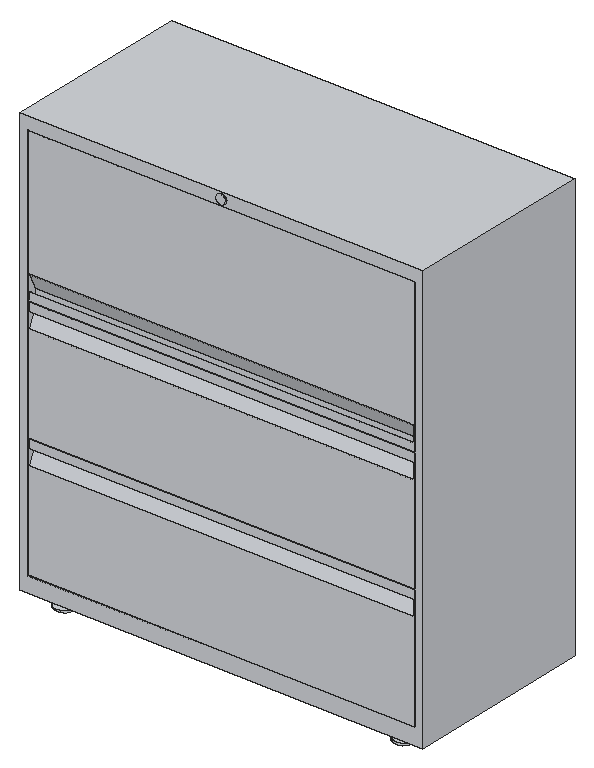
Revit family
Parameters (values of type "10C32B.2HQ")
  Width = 1000 mm
  Manufacturer = ""
  Height = 1085 mm
  Flipper Width = Width - 40 mm  # 960 mm
  Drawer Width = Width - 40 mm  # 960 mm
  Colour [instance] = ""
  Carbon Footprint = 0
Types (3, lengths in mm): name | Width | Flipper Width | Drawer Width
  (no name) | 1000 | 960 | 960
  08C32B.2HQ | 800 | 760 | 760
  10C32B.2HQ | 1000 | 960 | 960
Reference planes
  plane 1 "Center (Front/Back)": y = 0
  plane 2: z = 0
  plane 3 "Center (Left/Right)": x = 0
  plane 4: y = 235
  plane 5: y = -235
  plane 6: x = -500
  plane 7: x = 500
  plane 8: z = 1085
  plane 9: z = 4
  plane 10: z = 25
  plane 11: z = 65
  plane 12: z = 1055
  plane 13: x = -480
  plane 14: x = 480
  plane 15: x = -420
  plane 16: x = 420
  plane 17: y = -195
  plane 18: y = 195
  plane 19: y = 233
  plane 20: y = -215
  plane 21: y = -237
  plane 22: z = 1070
Forms (mm)
  Extrusion 1, solid
    sketch origin (0, 0, 0) x (1, 0, 0) y (0, 0, 1)
      loop
        line (-500, 1085) -> (-500, 25) -> (500, 25) -> (500, 1085) -> (-500, 1085)
      loop
        line (-480, 1055) -> (-480, 65) -> (480, 65) -> (480, 1055) -> (-480, 1055)
    from -235 to 235
  Extrusion 2, solid
    sketch origin (0, 0, 0) x (1, 0, 0) y (0, 0, 1)
      loop
        line (-480, 1055) -> (-480, 65) -> (480, 65) -> (480, 1055) -> (-480, 1055)
    from -235 to -233
  Extrusion 3, solid
    sketch origin (0, 0, 0) x (1, 0, 0) y (0, 1, 0)
      loop
        circle (-420, 195) r 25
      loop
        circle (420, 195) r 25
      loop
        circle (420, -195) r 25
      loop
        circle (-420, -195) r 25
    from 0 to 4
  Extrusion 4, solid
    sketch origin (0, 0, 0) x (1, 0, 0) y (0, 1, 0)
      loop
        circle (-420, 195) r 5
      loop
        circle (420, 195) r 5
      loop
        circle (420, -195) r 5
      loop
        circle (-420, -195) r 5
    from 4 to 25
  Extrusion 5, solid
    sketch origin (0, 0, 0) x (1, 0, 0) y (0, 0, 1)
      loop
        circle (0, 1070) r 11.963
    from 235 to 237
Dimensions and locks
  plane 4 to plane 1 "Center (Front/Back)" to plane 5 = 235 mm locked, 235 mm locked
  equal spacing: plane 6, plane 3 "Center (Left/Right)", plane 7
  "Width": plane 6 to plane 7
  locked: plane 9 to plane 2 at 4
  locked: plane 10 to plane 9 at 21
  locked: plane 11 to plane 10 at 40
  locked: plane 8 to plane 12 at 30
  "Height": plane 8 to plane 2
  locked: plane 13 to plane 6 at 20
  locked: plane 7 to plane 14 at 20
  locked: plane 4 to plane 18 at 40
  locked: plane 17 to plane 5 at 40
  locked: plane 16 to plane 14 at 60
  locked: plane 13 to plane 15 at 60
  locked: plane 4 to plane 19 at 2
  locked: plane 20 to plane 5 at 20
  locked: plane 5 to plane 21 at 2
  plane 8 to plane 22 to plane 12 = 15 mm, 15 mm
  locked: nested 1 to plane 11 at 1
  locked: nested 1 to plane 13 at 1
  locked: plane 14 to nested 1 at 1
  group 2 to group 1 = 0 mm
  group 1 to group 2 = 0 mm
  group 1 to group 2 = 305 mm
  locked: plane 12 to nested 3 at 1
  locked: nested 3 to nested 2 at 2
  locked: nested 2 to nested 1 at 2
  locked: nested 3 to Extrusion 1 at 1  (x2)
  radius of Extrusion 3 sketch curve = 25 mm
  aligned and locked: level to plane 2
  aligned and locked: Extrusion 1 sketch curve to plane 8
  aligned and locked: plane 6 to Extrusion 1 sketch curve
  aligned and locked: plane 10 to Extrusion 1 sketch curve
  aligned and locked: Extrusion 1 sketch curve to plane 7
  aligned and locked: Extrusion 1 sketch curve to plane 12
  aligned and locked: plane 13 to Extrusion 1 sketch curve
  aligned and locked: plane 11 to Extrusion 1 sketch curve
  aligned and locked: Extrusion 1 sketch curve to plane 14
  aligned and locked: plane 4 to Extrusion 1
  aligned and locked: Extrusion 1 to plane 5
  aligned and locked: Extrusion 2 sketch curve to Extrusion 1  (x4)
  aligned and locked: Extrusion 2 to plane 19
  aligned and locked: plane 9 to Extrusion 3
  aligned and locked: Extrusion 5 to plane 21
  aligned and locked: plane 5 to Extrusion 5
  aligned and locked: plane 3 "Center (Left/Right)" to nested 3
  aligned and locked: nested 3 to nested 1
Automatic sketch dimensions
  Extrusion 3 sketch curve to plane 15 = 0 mm  (x2)
  Extrusion 3 sketch curve to plane 16 = 0 mm  (x2)
  Extrusion 3 sketch curve to plane 17 = 0 mm  (x2)
  Extrusion 3 sketch curve to plane 18 = 0 mm  (x2)
  Extrusion 4 sketch curve to plane 15 = 0 mm  (x2)
  Extrusion 4 sketch curve to plane 16 = 0 mm  (x2)
  Extrusion 4 sketch curve to plane 17 = 0 mm  (x2)
  Extrusion 4 sketch curve to plane 18 = 0 mm  (x2)
  Extrusion 5 sketch curve to plane 3 "Center (Left/Right)" = 0 mm
  Extrusion 5 sketch curve to plane 22 = 0 mm
  radius of Extrusion 3 sketch curve = 25 mm  (x3)
  radius of Extrusion 4 sketch curve = 5 mm  (x4)
  radius of Extrusion 5 sketch curve = 11.963 mm
Nested families
  nested 1: "12 Inch Drawer" at (0, -225, 65), type "12 Inch Drawer"
    with Drawer Width 960 mm
  nested 2: "12 Inch Drawer" at (0, -225, 370), type "12 Inch Drawer"
    with Drawer Width 960 mm
  nested 3: "12 Inch Flipper" at (0, -225, 675), type "12 Inch Flipper"
    with Flipper Width 960 mm, Flipper Height 380 mm
Definition of nested family "12 Inch Drawer"
  Parameters (values of type "12 Inch Drawer")
    Drawer Width = 760 mm
    Drawer Height = 305 mm
  Reference planes
    plane 1 "Center (Front/Back)": y = 0
    plane 2: z = 0
    plane 3 "Center (Left/Right)": x = 0
    plane 4: x = -380
    plane 5: x = 380
    plane 6: x = -379
    plane 7: x = 379
    plane 8: y = 10
    plane 9: y = -10
    plane 10: z = 305
    plane 11: z = 304
    plane 12: z = 1
    plane 13: x = -378
    plane 14: x = 378
    plane 15: z = 303
    plane 16: z = 284
    plane 17: z = 244
    plane 18: y = -9
    plane 19: y = 9
  Forms (mm)
    Extrusion 1, solid
      sketch origin (0, 0, 0) x (1, 0, 0) y (0, 0, 1)
        loop
          line (-379, 1) -> (379, 1) -> (379, 304) -> (-379, 304) -> (-379, 1)
      from -10 to 10
    Extrusion 2, void
      sketch origin (0, 0, 0) x (0, 1, 0) y (0, 0, 1)
        loop
          line (-10, 284) -> (-10, 244) -> (9, 284) -> (9, 303) -> (-9, 303) -> (-9, 284) -> (-10, 284)
      from -378 to 378
  Cuts and joins
    Extrusion 2 cuts Extrusion 1
  Dimensions and locks
    "Drawer Width": plane 4 to plane 5
    equal spacing: plane 4, plane 3 "Center (Left/Right)", plane 5
    locked: plane 4 to plane 6 at 1
    locked: plane 7 to plane 5 at 1
    locked: plane 8 to plane 9 at 20
    equal spacing: plane 8, plane 1 "Center (Front/Back)", plane 9
    "Drawer Height": plane 10 to level
    locked: plane 10 to plane 11 at 1
    locked: plane 12 to level at 1
    locked: Extrusion 1 to plane 14 at 1
    locked: Extrusion 1 to plane 13 at 1
    locked: plane 11 to plane 15 at 1
    locked: plane 15 to plane 16 at 19
    locked: plane 16 to plane 17 at 40
    locked: plane 9 to plane 18 at 1
    locked: plane 19 to plane 8 at 1
    plane 10 to plane 11 to plane 15 to plane 16 to plane 17 to plane 12 = 1 mm, 1 mm, 19 mm, 40 mm, 243 mm
    locked: plane 6 to plane 13 at 1
    locked: plane 14 to plane 7 at 1
    aligned and locked: level to plane 2
    aligned and locked: plane 7 to Extrusion 1
    aligned and locked: plane 11 to Extrusion 1
    aligned and locked: Extrusion 1 to plane 6
    aligned and locked: Extrusion 1 to plane 12
    aligned and locked: Extrusion 1 to plane 9
    aligned and locked: plane 8 to Extrusion 1
    aligned and locked: plane 15 to Extrusion 2
    aligned and locked: plane 19 to Extrusion 2
    aligned and locked: Extrusion 2 to plane 9
    aligned and locked: plane 16 to Extrusion 2
    aligned and locked: Extrusion 2 to plane 13
    aligned and locked: plane 14 to Extrusion 2
  Automatic sketch dimensions
    Extrusion 1 sketch curve to plane 6 = 0 mm
    Extrusion 1 sketch curve to plane 7 = 0 mm
    Extrusion 1 sketch curve to plane 12 = 0 mm
    Extrusion 1 sketch curve to plane 11 = 0 mm
    Extrusion 2 sketch curve to plane 9 = 0 mm
    Extrusion 2 sketch curve to plane 18 = 0 mm
    Extrusion 2 sketch curve to plane 16 = 0 mm  (x2)
    Extrusion 2 sketch curve to plane 19 = 0 mm
    Extrusion 2 sketch curve to plane 17 = 0 mm
    Extrusion 2 sketch curve to plane 15 = 0 mm
Definition of nested family "12 Inch Flipper"
  Parameters (values of type "12 Inch Flipper")
    Flipper Width = 760 mm
    Flipper Height = 305 mm
  Reference planes
    plane 1 "Center (Front/Back)": y = 0
    plane 2: z = 0
    plane 3 "Center (Left/Right)": x = 0
    plane 4: x = -380
    plane 5: x = 380
    plane 6: x = -379
    plane 7: x = 379
    plane 8: y = 10
    plane 9: y = -10
    plane 10: z = 305
    plane 11: z = 304
    plane 12: z = 1
    plane 13: x = -378
    plane 14: x = 378
    plane 15: z = 2
    plane 16: z = 21
    plane 17: z = 61
    plane 18: y = -9
    plane 19: y = 9
  Forms (mm)
    Extrusion 1, solid
      sketch origin (0, 0, 0) x (1, 0, 0) y (0, 0, 1)
        loop
          line (-379, 1) -> (379, 1) -> (379, 304) -> (-379, 304) -> (-379, 1)
      from -10 to 10
    Extrusion 2, void
      sketch origin (0, 0, 0) x (0, 1, 0) y (0, 0, 1)
        loop
          line (-10, 61) -> (-10, 21) -> (-9, 21) -> (-9, 2) -> (9, 2) -> (9, 21) -> (-10, 61)
      from -378 to 378
  Cuts and joins
    Extrusion 2 cuts Extrusion 1
  Dimensions and locks
    "Flipper Width": plane 4 to plane 5
    equal spacing: plane 4, plane 3 "Center (Left/Right)", plane 5
    locked: plane 4 to plane 6 at 1
    locked: plane 7 to plane 5 at 1
    locked: plane 8 to plane 9 at 20
    equal spacing: plane 8, plane 1 "Center (Front/Back)", plane 9
    "Flipper Height": plane 10 to level
    locked: plane 10 to plane 11 at 1
    locked: plane 12 to level at 1
    locked: Extrusion 1 to plane 14 at 1
    locked: Extrusion 1 to plane 13 at 1
    plane 10 to plane 11 to plane 12 = 1 mm, 303 mm
    locked: plane 6 to plane 13 at 1
    locked: plane 14 to plane 7 at 1
    locked: plane 15 to plane 12 at 1
    locked: plane 16 to plane 15 at 19
    locked: plane 17 to plane 16 at 40
    locked: plane 9 to plane 18 at 1
    locked: plane 19 to plane 8 at 1
    aligned and locked: level to plane 2
    aligned and locked: plane 7 to Extrusion 1
    aligned and locked: plane 11 to Extrusion 1
    aligned and locked: Extrusion 1 to plane 6
    aligned and locked: Extrusion 1 to plane 12
    aligned and locked: Extrusion 1 to plane 9
    aligned and locked: plane 8 to Extrusion 1
    aligned and locked: Extrusion 2 to plane 15
    aligned and locked: Extrusion 2 to plane 19
    aligned and locked: plane 18 to Extrusion 2
    aligned and locked: Extrusion 2 to plane 16
    aligned and locked: Extrusion 2 to plane 9
    aligned and locked: Extrusion 2 to plane 13
    aligned and locked: plane 14 to Extrusion 2
  Automatic sketch dimensions
    Extrusion 1 sketch curve to plane 6 = 0 mm
    Extrusion 1 sketch curve to plane 7 = 0 mm
    Extrusion 1 sketch curve to plane 12 = 0 mm
    Extrusion 1 sketch curve to plane 11 = 0 mm
    Extrusion 2 sketch curve to plane 9 = 0 mm
    Extrusion 2 sketch curve to plane 15 = 0 mm
    Extrusion 2 sketch curve to plane 18 = 0 mm
    Extrusion 2 sketch curve to plane 16 = 0 mm  (x2)
    Extrusion 2 sketch curve to plane 19 = 0 mm
    Extrusion 2 sketch curve to plane 17 = 0 mm
